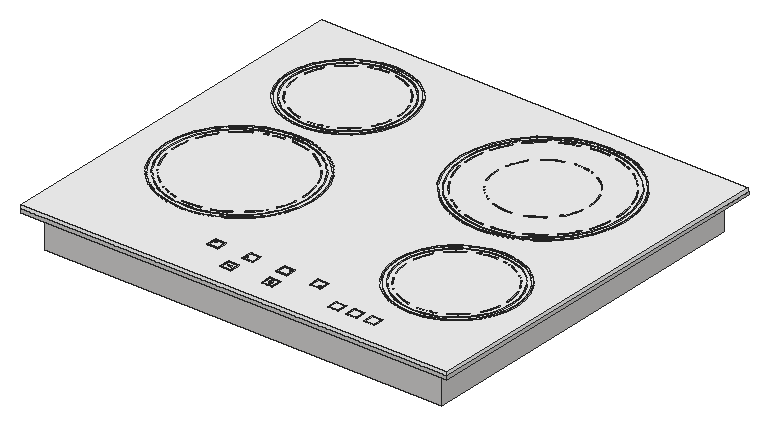
Revit family "QF_Summit_CR4B23T6W_4-Burner Radiant Cooktop", category Specialty Equipment, Revit 2020 (continued)
Automatic sketch dimensions
  Extrusion 2 sketch curve to Extrusion 2 sketch curve = 0.40352"
  plane 13 to Extrusion 2 sketch curve = 2.23245"  (x2)
  Extrusion 2 sketch curve to Extrusion 2 sketch curve = 1.71789"
  Extrusion 2 sketch curve to Extrusion 2 sketch curve = 0.08796"  (x2)
  Extrusion 2 sketch curve to Extrusion 2 sketch curve = 0.422"  (x2)
  Extrusion 2 sketch curve to Extrusion 2 sketch curve = 0.42547"
  Extrusion 2 sketch curve to Extrusion 2 sketch curve = 0.51343"  (x3)
  Extrusion 2 sketch curve to Extrusion 2 sketch curve = 0.09143"  (x2)
  plane 13 to Extrusion 2 sketch curve = 1.20768"
  Extrusion 2 sketch curve to Extrusion 2 sketch curve = 0.57593"
  Extrusion 2 sketch curve to Extrusion 2 sketch curve = 0.23097"
  Extrusion 2 sketch curve to Extrusion 2 sketch curve = 0.2189"
  Extrusion 2 sketch curve to Extrusion 2 sketch curve = 0.21044"  (x2)
  Extrusion 2 sketch curve to Extrusion 2 sketch curve = 1/16"  (x4)
  Extrusion 2 sketch curve to Extrusion 2 sketch curve = 0.48357"
  Extrusion 2 sketch curve to Extrusion 2 sketch curve = 0.1915"
  plane 14 to Extrusion 2 sketch curve = 0.02153"
  Extrusion 2 sketch curve to Extrusion 2 sketch curve = 0.07011"  (x3)
  Extrusion 2 sketch curve to Extrusion 2 sketch curve = 0.52337"
  Extrusion 2 sketch curve to Extrusion 2 sketch curve = 0.2108"
  Extrusion 2 sketch curve to Extrusion 2 sketch curve = 0.5231"
  Extrusion 2 sketch curve to Extrusion 2 sketch curve = 0.54468"
  Extrusion 2 sketch curve to Extrusion 2 sketch curve = 0.15718"
  Extrusion 1 sketch curve to Extrusion 1 sketch curve = 0"  (x292)
  plane 1 "BACK" to Extrusion 1 sketch curve = 0"
  Extrusion 1 sketch curve to plane 4 "RIGHT" = 0"
  Extrusion 1 sketch curve to plane 3 "LEFT" = 0"
  plane 5 "FRONT" to Extrusion 1 sketch curve = 0"
  Extrusion 1 sketch curve to plane 11 = 0.9679"
  Extrusion 1 sketch curve to Extrusion 1 sketch curve = 1/32"  (x43)
  Extrusion 1 sketch curve to Extrusion 1 sketch curve = 0.0061"  (x2)
  Extrusion 1 sketch curve to Extrusion 1 sketch curve = 0.03082"  (x4)
  Extrusion 1 sketch curve to Extrusion 1 sketch curve = 0.15318"  (x2)
  Extrusion 1 sketch curve to Extrusion 1 sketch curve = 0.02915"  (x2)
  Extrusion 1 sketch curve to Extrusion 1 sketch curve = 0.29075"  (x2)
  Extrusion 1 sketch curve to Extrusion 1 sketch curve = 0.15166"  (x2)
  Extrusion 1 sketch curve to Extrusion 1 sketch curve = 0.02717"  (x3)
  Extrusion 1 sketch curve to Extrusion 1 sketch curve = 0.0271"  (x2)
  Extrusion 1 sketch curve to Extrusion 1 sketch curve = 0.25819"  (x2)
  Extrusion 1 sketch curve to Extrusion 1 sketch curve = 0.02218"  (x5)
  Extrusion 1 sketch curve to plane 11 = 1.9126"
  Extrusion 1 sketch curve to Extrusion 1 sketch curve = 0.02612"
  Extrusion 1 sketch curve to Extrusion 1 sketch curve = 0.03105"
  Extrusion 1 sketch curve to Extrusion 1 sketch curve = 0.60957"  (x2)
  Extrusion 1 sketch curve to Extrusion 1 sketch curve = 0.0222"  (x3)
  Extrusion 1 sketch curve to Extrusion 1 sketch curve = 0.10309"
  Extrusion 1 sketch curve to Extrusion 1 sketch curve = 0.03021"
  Extrusion 1 sketch curve to Extrusion 1 sketch curve = 0.09169"
  Extrusion 1 sketch curve to Extrusion 1 sketch curve = 0.02951"
  Extrusion 1 sketch curve to Extrusion 1 sketch curve = 0.22079"
  Extrusion 1 sketch curve to Extrusion 1 sketch curve = 0.0291"
  Extrusion 1 sketch curve to Extrusion 1 sketch curve = 81/256"  (x2)
  Extrusion 1 sketch curve to Extrusion 1 sketch curve = 0.01602"  (x2)
  Extrusion 1 sketch curve to Extrusion 1 sketch curve = 0.72866"  (x2)
  Extrusion 1 sketch curve to Extrusion 1 sketch curve = 0.14772"
  Extrusion 1 sketch curve to Extrusion 1 sketch curve = 0.01539"  (x2)
  Extrusion 1 sketch curve to Extrusion 1 sketch curve = 0.02774"
  Extrusion 1 sketch curve to Extrusion 1 sketch curve = 0.49624"
  Extrusion 1 sketch curve to Extrusion 1 sketch curve = 0.02545"
  Extrusion 1 sketch curve to Extrusion 1 sketch curve = 0.3561"  (x2)
  Extrusion 1 sketch curve to Extrusion 1 sketch curve = 0.01117"  (x2)
  Extrusion 1 sketch curve to Extrusion 1 sketch curve = 0.26678"
  plane 8 "Center X" to Extrusion 1 sketch curve = 2.00928"
  Extrusion 1 sketch curve to Extrusion 1 sketch curve = 0.57842"
  Extrusion 1 sketch curve to Extrusion 1 sketch curve = 0.02213"
  plane 8 "Center X" to Extrusion 1 sketch curve = 2.0314"
  Extrusion 1 sketch curve to Extrusion 1 sketch curve = 0.02212"  (x2)
  Extrusion 1 sketch curve to plane 8 "Center X" = 1.2273"
  Extrusion 1 sketch curve to Extrusion 1 sketch curve = 0.94621"  (x2)
  plane 8 "Center X" to Extrusion 1 sketch curve = 1.71229"
  Extrusion 1 sketch curve to Extrusion 1 sketch curve = 0.3015"
  Extrusion 1 sketch curve to plane 8 "Center X" = 1.25813"
  Extrusion 1 sketch curve to Extrusion 1 sketch curve = 0.00508"
  plane 8 "Center X" to Extrusion 1 sketch curve = 1.73443"
  Extrusion 1 sketch curve to Extrusion 1 sketch curve = 0.02214"
  Extrusion 1 sketch curve to Extrusion 1 sketch curve = 1.49642"
  Extrusion 1 sketch curve to Extrusion 1 sketch curve = 0.03078"
  Extrusion 1 sketch curve to Extrusion 1 sketch curve = 0.03086"
  Extrusion 1 sketch curve to Extrusion 1 sketch curve = 0.20028"
  Extrusion 1 sketch curve to Extrusion 1 sketch curve = 0.92874"  (x2)
  Extrusion 1 sketch curve to Extrusion 1 sketch curve = 0.40665"  (x2)
  Extrusion 1 sketch curve to Extrusion 1 sketch curve = 0.02838"
  Extrusion 1 sketch curve to Extrusion 1 sketch curve = 2.68167"
  plane 12 to Extrusion 1 sketch curve = 1.48114"
  Extrusion 1 sketch curve to Extrusion 1 sketch curve = 0.78588"
  plane 12 to Extrusion 1 sketch curve = 1.50739"
  Extrusion 1 sketch curve to Extrusion 1 sketch curve = 0.01696"
  plane 8 "Center X" to Extrusion 1 sketch curve = 3.28887"
  Extrusion 1 sketch curve to Extrusion 1 sketch curve = 51/128"
  plane 8 "Center X" to Extrusion 1 sketch curve = 3.3113"
  Extrusion 1 sketch curve to Extrusion 1 sketch curve = 0.02243"
  Extrusion 1 sketch curve to Extrusion 1 sketch curve = 0.22306"
  Extrusion 1 sketch curve to Extrusion 1 sketch curve = 0.02526"
  plane 12 to Extrusion 1 sketch curve = 1.27234"
  Extrusion 1 sketch curve to Extrusion 1 sketch curve = 0.34611"
  plane 12 to Extrusion 1 sketch curve = 1.3002"
  Extrusion 1 sketch curve to Extrusion 1 sketch curve = 0.01416"
  plane 8 "Center X" to Extrusion 1 sketch curve = 1.11615"
  Extrusion 1 sketch curve to Extrusion 1 sketch curve = 0.86126"
  plane 13 to Extrusion 1 sketch curve = 0.63175"
  Extrusion 1 sketch curve to Extrusion 1 sketch curve = 0.49054"
  plane 8 "Center X" to Extrusion 1 sketch curve = 1.14413"
  Extrusion 1 sketch curve to Extrusion 1 sketch curve = 0.52607"  (x2)
  Extrusion 1 sketch curve to Extrusion 1 sketch curve = 0.00555"  (x2)
  Extrusion 1 sketch curve to Extrusion 1 sketch curve = 0.34786"
  Extrusion 1 sketch curve to Extrusion 1 sketch curve = 0.02211"  (x3)
  plane 8 "Center X" to Extrusion 1 sketch curve = 0.95021"
  Extrusion 1 sketch curve to Extrusion 1 sketch curve = 0.36757"
  plane 8 "Center X" to Extrusion 1 sketch curve = 0.97947"
  Extrusion 1 sketch curve to Extrusion 1 sketch curve = 0.01098"
  Extrusion 1 sketch curve to plane 8 "Center X" = 1.39665"
  Extrusion 1 sketch curve to Extrusion 1 sketch curve = 0.99423"  (x2)
  Extrusion 1 sketch curve to plane 8 "Center X" = 1.3674"
  Extrusion 1 sketch curve to Extrusion 1 sketch curve = 0.01102"  (x2)
  Extrusion 1 sketch curve to Extrusion 1 sketch curve = 0.51169"  (x3)
  Extrusion 1 sketch curve to Extrusion 1 sketch curve = 0.78182"
  Extrusion 1 sketch curve to Extrusion 1 sketch curve = 0.01526"
  Extrusion 1 sketch curve to plane 8 "Center X" = 1.57741"
  Extrusion 1 sketch curve to Extrusion 1 sketch curve = 0.38521"  (x2)
  Extrusion 1 sketch curve to Extrusion 1 sketch curve = 0.87185"  (x2)
  Extrusion 1 sketch curve to plane 8 "Center X" = 1.55025"
  Extrusion 1 sketch curve to Extrusion 1 sketch curve = 0.01545"  (x3)
  Extrusion 1 sketch curve to Extrusion 1 sketch curve = 0.01557"  (x3)
  Extrusion 1 sketch curve to Extrusion 1 sketch curve = 0.83708"
  plane 12 to Extrusion 1 sketch curve = 0.92139"
  Extrusion 1 sketch curve to Extrusion 1 sketch curve = 0.97853"
  Extrusion 1 sketch curve to Extrusion 1 sketch curve = 0.01326"
  plane 12 to Extrusion 1 sketch curve = 0.95195"
  Extrusion 1 sketch curve to Extrusion 1 sketch curve = 0.3994"
  Extrusion 1 sketch curve to Extrusion 1 sketch curve = 0.42602"  (x2)
  Extrusion 1 sketch curve to Extrusion 1 sketch curve = 0.0098"
  Extrusion 1 sketch curve to Extrusion 1 sketch curve = 0.39118"  (x2)
  plane 12 to Extrusion 1 sketch curve = 0.85481"
  Extrusion 1 sketch curve to Extrusion 1 sketch curve = 0.41454"
  plane 12 to Extrusion 1 sketch curve = 0.88589"
  Extrusion 1 sketch curve to Extrusion 1 sketch curve = 0.00325"
  plane 8 "Center X" to Extrusion 1 sketch curve = 0.70825"
  plane 8 "Center X" to Extrusion 1 sketch curve = 0.73938"
  Extrusion 1 sketch curve to Extrusion 1 sketch curve = 0.55"
  Extrusion 1 sketch curve to Extrusion 1 sketch curve = 0.00362"
  Extrusion 1 sketch curve to Extrusion 1 sketch curve = 0.73418"  (x2)
  Extrusion 1 sketch curve to Extrusion 1 sketch curve = 0.02389"  (x2)
  Extrusion 1 sketch curve to Extrusion 1 sketch curve = 0.42462"
  Extrusion 1 sketch curve to Extrusion 1 sketch curve = 0.60882"  (x2)
  Extrusion 1 sketch curve to Extrusion 1 sketch curve = 0.2871"  (x2)
  Extrusion 1 sketch curve to Extrusion 1 sketch curve = 0.02706"  (x2)
  Extrusion 1 sketch curve to Extrusion 1 sketch curve = 0.02719"  (x2)
  Extrusion 1 sketch curve to Extrusion 1 sketch curve = 1.03588"
  Extrusion 1 sketch curve to Extrusion 1 sketch curve = 0.0032"
  Extrusion 1 sketch curve to Extrusion 1 sketch curve = 0.19681"  (x2)
  Extrusion 1 sketch curve to Extrusion 1 sketch curve = 0.02933"  (x2)
  Extrusion 1 sketch curve to Extrusion 1 sketch curve = 0.31614"  (x2)
  Extrusion 1 sketch curve to Extrusion 1 sketch curve = 0.03673"  (x2)
  plane 12 to Extrusion 1 sketch curve = 0.90864"
  plane 12 to Extrusion 1 sketch curve = 0.87774"
  Extrusion 1 sketch curve to Extrusion 1 sketch curve = 0.47281"
  Extrusion 1 sketch curve to Extrusion 1 sketch curve = 0.00913"
  Extrusion 1 sketch curve to Extrusion 1 sketch curve = 1.0758"
  Extrusion 1 sketch curve to Extrusion 1 sketch curve = 0.00988"
  Extrusion 1 sketch curve to Extrusion 1 sketch curve = 0.45097"
  Extrusion 1 sketch curve to Extrusion 1 sketch curve = 0.00815"
  plane 14 to Extrusion 1 sketch curve = 0.90018"
  Extrusion 1 sketch curve to Extrusion 1 sketch curve = 0.00884"
  Extrusion 1 sketch curve to Extrusion 1 sketch curve = 0.45388"
  Extrusion 1 sketch curve to Extrusion 1 sketch curve = 0.4296"
  Extrusion 1 sketch curve to Extrusion 1 sketch curve = 0.01218"
  plane 14 to Extrusion 1 sketch curve = 0.39967"
  Extrusion 1 sketch curve to Extrusion 1 sketch curve = 0.02215"
  plane 14 to Extrusion 1 sketch curve = 0.07577"
  plane 14 to Extrusion 1 sketch curve = 0.0737"
  Extrusion 1 sketch curve to Extrusion 1 sketch curve = 0.01525"
  plane 14 to Extrusion 1 sketch curve = 0.04245"
  plane 14 to Extrusion 1 sketch curve = 0.04209"
  plane 14 to Extrusion 1 sketch curve = 0.01706"
  plane 14 to Extrusion 1 sketch curve = 0.00246"
  Extrusion 1 sketch curve to plane 14 = 0.02306"
  Extrusion 1 sketch curve to plane 14 = 0.04858"
  Extrusion 1 sketch curve to plane 14 = 0.26924"
  Extrusion 1 sketch curve to Extrusion 1 sketch curve = 0.02893"
  Extrusion 1 sketch curve to plane 14 = 0.35778"
  Extrusion 1 sketch curve to Extrusion 1 sketch curve = 0.02234"  (x2)
  Extrusion 1 sketch curve to plane 14 = 0.38134"
  Extrusion 1 sketch curve to plane 14 = 0.39924"
  Extrusion 1 sketch curve to Extrusion 1 sketch curve = 0.02231"  (x2)
  Extrusion 1 sketch curve to Extrusion 1 sketch curve = 0.03056"
  Extrusion 1 sketch curve to plane 14 = 0.45353"
  Extrusion 1 sketch curve to Extrusion 1 sketch curve = 0.42066"  (x3)
  Extrusion 1 sketch curve to Extrusion 1 sketch curve = 0.36158"
  Extrusion 1 sketch curve to Extrusion 1 sketch curve = 0.0221"
  Extrusion 1 sketch curve to Extrusion 1 sketch curve = 0.73139"
  Extrusion 1 sketch curve to Extrusion 1 sketch curve = 0.02449"
  Extrusion 1 sketch curve to Extrusion 1 sketch curve = 0.2442"
  Extrusion 1 sketch curve to Extrusion 1 sketch curve = 0.02639"
  Extrusion 1 sketch curve to Extrusion 1 sketch curve = 0.65498"
  Extrusion 1 sketch curve to Extrusion 1 sketch curve = 0.02689"
  Extrusion 1 sketch curve to Extrusion 1 sketch curve = 0.1936"
  plane 7 "Center Y" to Extrusion 1 sketch curve = 1.17372"
  Extrusion 1 sketch curve to Extrusion 1 sketch curve = 0.02839"
  plane 7 "Center Y" to Extrusion 1 sketch curve = 1.05042"
  plane 7 "Center Y" to Extrusion 1 sketch curve = 1.01619"
  Extrusion 1 sketch curve to Extrusion 1 sketch curve = 0.02981"
  Extrusion 1 sketch curve to Extrusion 1 sketch curve = 0.15631"  (x3)
  Extrusion 1 sketch curve to Extrusion 1 sketch curve = 0.09103"  (x3)
  Extrusion 1 sketch curve to Extrusion 1 sketch curve = 0.07379"  (x6)
  Extrusion 1 sketch curve to Extrusion 1 sketch curve = 0.10392"
  plane 7 "Center Y" to Extrusion 1 sketch curve = 0.89451"
  Extrusion 1 sketch curve to Extrusion 1 sketch curve = 0.03062"
  Extrusion 1 sketch curve to Extrusion 1 sketch curve = 0.03076"
  Extrusion 1 sketch curve to Extrusion 1 sketch curve = 0.05148"  (x4)
  Extrusion 1 sketch curve to Extrusion 1 sketch curve = 0.05626"
  Extrusion 1 sketch curve to Extrusion 1 sketch curve = 0.0313"
  Extrusion 1 sketch curve to Extrusion 1 sketch curve = 0.2301"
  plane 7 "Center Y" to Extrusion 1 sketch curve = 0.50749"
  Extrusion 1 sketch curve to plane 7 "Center Y" = 0.80573"
  Extrusion 1 sketch curve to Extrusion 1 sketch curve = 0.27055"
  Extrusion 1 sketch curve to Extrusion 1 sketch curve = 0.19906"
  Extrusion 1 sketch curve to plane 7 "Center Y" = 2.63134"
  Extrusion 1 sketch curve to Extrusion 1 sketch curve = 0.03064"
  Extrusion 1 sketch curve to Extrusion 1 sketch curve = 0.03098"
  Extrusion 1 sketch curve to Extrusion 1 sketch curve = 1.31919"
  Extrusion 1 sketch curve to plane 8 "Center X" = 1.13856"
  Extrusion 1 sketch curve to Extrusion 1 sketch curve = 0.13431"
  Extrusion 1 sketch curve to plane 8 "Center X" = 1.14806"
  Extrusion 1 sketch curve to Extrusion 1 sketch curve = 0.02977"
  Extrusion 1 sketch curve to plane 8 "Center X" = 0.81127"
  Extrusion 1 sketch curve to Extrusion 1 sketch curve = 0.09299"
  Extrusion 1 sketch curve to Extrusion 1 sketch curve = 0.23904"
  Extrusion 1 sketch curve to plane 8 "Center X" = 0.82369"
  Extrusion 1 sketch curve to Extrusion 1 sketch curve = 0.02868"
  Extrusion 1 sketch curve to Extrusion 1 sketch curve = 0.02856"
  Extrusion 1 sketch curve to Extrusion 1 sketch curve = 0.18203"
  Extrusion 1 sketch curve to Extrusion 1 sketch curve = 0.02668"
  plane 8 "Center X" to Extrusion 1 sketch curve = 0.04895"
  Extrusion 1 sketch curve to Extrusion 1 sketch curve = 0.50322"
  plane 8 "Center X" to Extrusion 1 sketch curve = 0.02885"
  plane 8 "Center X" to Extrusion 1 sketch curve = 0.36075"
  Extrusion 1 sketch curve to Extrusion 1 sketch curve = 0.27259"
  plane 8 "Center X" to Extrusion 1 sketch curve = 0.33864"
  Extrusion 1 sketch curve to Extrusion 1 sketch curve = 0.61146"
  Extrusion 1 sketch curve to plane 7 "Center Y" = 3.85099"
  plane 12 to Extrusion 1 sketch curve = 2.86594"
  plane 12 to Extrusion 1 sketch curve = 2.8772"
  Extrusion 1 sketch curve to Extrusion 1 sketch curve = 0.36384"
  Extrusion 1 sketch curve to Extrusion 1 sketch curve = 0.01754"
  plane 8 "Center X" to Extrusion 1 sketch curve = 0.96184"
  plane 8 "Center X" to Extrusion 1 sketch curve = 239/256"
  plane 12 to Extrusion 1 sketch curve = 1.73344"
  plane 12 to Extrusion 1 sketch curve = 1.75564"
  plane 8 "Center X" to Extrusion 1 sketch curve = 1.11157"
  Extrusion 1 sketch curve to Extrusion 1 sketch curve = 0.35672"
  plane 8 "Center X" to Extrusion 1 sketch curve = 1.08198"
  Extrusion 1 sketch curve to Extrusion 1 sketch curve = 0.01005"
  Extrusion 1 sketch curve to Extrusion 1 sketch curve = 0.85875"
  Extrusion 1 sketch curve to Extrusion 1 sketch curve = 0.00972"
  plane 12 to Extrusion 1 sketch curve = 1.49506"
  plane 12 to Extrusion 1 sketch curve = 1.52189"
  plane 8 "Center X" to Extrusion 1 sketch curve = 3.37537"
  plane 8 "Center X" to Extrusion 1 sketch curve = 3.40257"
  Extrusion 1 sketch curve to Extrusion 1 sketch curve = 0.41721"
  Extrusion 1 sketch curve to Extrusion 1 sketch curve = 0.0059"
  plane 8 "Center X" to Extrusion 1 sketch curve = 1.29503"
  plane 8 "Center X" to Extrusion 1 sketch curve = 1.2638"
  plane 12 to Extrusion 1 sketch curve = 1.14305"
  plane 12 to Extrusion 1 sketch curve = 1.17389"
  plane 8 "Center X" to Extrusion 1 sketch curve = 1.25175"
  Extrusion 1 sketch curve to Extrusion 1 sketch curve = 0.44627"
  plane 8 "Center X" to Extrusion 1 sketch curve = 1.28287"
  Extrusion 1 sketch curve to Extrusion 1 sketch curve = 0.00285"
  Extrusion 1 sketch curve to Extrusion 1 sketch curve = 0.97504"
  Extrusion 1 sketch curve to Extrusion 1 sketch curve = 0.00288"
  Extrusion 1 sketch curve to Extrusion 1 sketch curve = 0.46063"
  Extrusion 1 sketch curve to Extrusion 1 sketch curve = 0.00703"
  plane 8 "Center X" to Extrusion 1 sketch curve = 1.03295"
  plane 8 "Center X" to Extrusion 1 sketch curve = 1.0621"
  plane 12 to Extrusion 1 sketch curve = 1.3124"
  plane 12 to Extrusion 1 sketch curve = 1.28316"
  plane 8 "Center X" to Extrusion 1 sketch curve = 0.81696"
  Extrusion 1 sketch curve to Extrusion 1 sketch curve = 0.45673"
  Extrusion 1 sketch curve to Extrusion 1 sketch curve = 0.93427"
  plane 8 "Center X" to Extrusion 1 sketch curve = 0.84417"
  Extrusion 1 sketch curve to Extrusion 1 sketch curve = 0.01538"
  Extrusion 1 sketch curve to Extrusion 1 sketch curve = 0.36969"
  Extrusion 1 sketch curve to Extrusion 1 sketch curve = 0.01878"
  plane 8 "Center X" to Extrusion 1 sketch curve = 0.21522"
  plane 8 "Center X" to Extrusion 1 sketch curve = 0.23731"
  Extrusion 1 sketch curve to plane 8 "Center X" = 0.14529"
  Extrusion 1 sketch curve to Extrusion 1 sketch curve = 0.30553"
  Extrusion 1 sketch curve to plane 8 "Center X" = 0.12675"
  Extrusion 1 sketch curve to Extrusion 1 sketch curve = 0.02516"
  Extrusion 1 sketch curve to Extrusion 1 sketch curve = 0.73819"
  Extrusion 1 sketch curve to Extrusion 1 sketch curve = 0.02543"
  Extrusion 1 sketch curve to Extrusion 1 sketch curve = 0.2169"
  Extrusion 1 sketch curve to Extrusion 1 sketch curve = 0.02738"
  Extrusion 1 sketch curve to plane 8 "Center X" = 1.04072"
  Extrusion 1 sketch curve to plane 8 "Center X" = 1.03025"
  Extrusion 1 sketch curve to Extrusion 1 sketch curve = 0.11797"
  Extrusion 1 sketch curve to Extrusion 1 sketch curve = 0.35026"
  Extrusion 1 sketch curve to Extrusion 1 sketch curve = 0.03051"
  Extrusion 1 sketch curve to Extrusion 1 sketch curve = 0.03054"
  Extrusion 1 sketch curve to Extrusion 1 sketch curve = 0.06921"
  Extrusion 1 sketch curve to Extrusion 1 sketch curve = 0.03116"
  Extrusion 1 sketch curve to Extrusion 1 sketch curve = 0.06424"
  Extrusion 1 sketch curve to Extrusion 1 sketch curve = 0.03017"
  Extrusion 1 sketch curve to Extrusion 1 sketch curve = 0.1536"
  Extrusion 1 sketch curve to Extrusion 1 sketch curve = 0.02716"
  Extrusion 1 sketch curve to Extrusion 1 sketch curve = 0.25816"
  Extrusion 1 sketch curve to Extrusion 1 sketch curve = 1.46464"
  Extrusion 1 sketch curve to Extrusion 1 sketch curve = 0.03109"
  Extrusion 1 sketch curve to Extrusion 1 sketch curve = 0.06565"
  Extrusion 1 sketch curve to Extrusion 1 sketch curve = 0.02989"
  Extrusion 1 sketch curve to Extrusion 1 sketch curve = 0.397"  (x2)
  Extrusion 1 sketch curve to Extrusion 1 sketch curve = 0.01541"  (x2)
  Extrusion 1 sketch curve to Extrusion 1 sketch curve = 0.34161"
  Extrusion 1 sketch curve to Extrusion 1 sketch curve = 0.01814"
  Extrusion 1 sketch curve to Extrusion 1 sketch curve = 0.16453"
  Extrusion 1 sketch curve to Extrusion 1 sketch curve = 0.02727"
  Extrusion 1 sketch curve to Extrusion 1 sketch curve = 0.32681"
  Extrusion 1 sketch curve to Extrusion 1 sketch curve = 0.01674"
  Extrusion 1 sketch curve to Extrusion 1 sketch curve = 0.36683"
  Extrusion 1 sketch curve to Extrusion 1 sketch curve = 0.01871"
  Extrusion 1 sketch curve to Extrusion 1 sketch curve = 0.40986"
  Extrusion 1 sketch curve to Extrusion 1 sketch curve = 0.29954"
  Extrusion 1 sketch curve to Extrusion 1 sketch curve = 0.50377"  (x2)
  Extrusion 1 sketch curve to Extrusion 1 sketch curve = 0.39592"
  Extrusion 1 sketch curve to Extrusion 1 sketch curve = 0.47651"  (x2)
  Extrusion 1 sketch curve to Extrusion 1 sketch curve = 0.00514"  (x2)
  Extrusion 1 sketch curve to Extrusion 1 sketch curve = 0.46777"
  Extrusion 1 sketch curve to Extrusion 1 sketch curve = 0.42012"  (x2)
  Extrusion 1 sketch curve to Extrusion 1 sketch curve = 1/64"  (x2)
  Extrusion 1 sketch curve to Extrusion 1 sketch curve = 0.48143"
  Extrusion 1 sketch curve to Extrusion 1 sketch curve = 0.00355"
  Extrusion 1 sketch curve to Extrusion 1 sketch curve = 0.47292"
  Extrusion 1 sketch curve to Extrusion 1 sketch curve = 0.00552"
  Extrusion 1 sketch curve to Extrusion 1 sketch curve = 0.27307"  (x2)
  Extrusion 1 sketch curve to Extrusion 1 sketch curve = 0.02709"  (x2)
  Extrusion 1 sketch curve to Extrusion 1 sketch curve = 0.4958"
  Extrusion 1 sketch curve to Extrusion 1 sketch curve = 0.01803"
  Extrusion 1 sketch curve to Extrusion 1 sketch curve = 0.17307"  (x2)
  Extrusion 1 sketch curve to Extrusion 1 sketch curve = 0.02918"  (x2)
  Extrusion 1 sketch curve to Extrusion 1 sketch curve = 0.37548"
  Extrusion 1 sketch curve to Extrusion 1 sketch curve = 0.36929"
  Extrusion 1 sketch curve to Extrusion 1 sketch curve = 0.01593"
  Extrusion 1 sketch curve to Extrusion 1 sketch curve = 0.20356"
  Extrusion 1 sketch curve to Extrusion 1 sketch curve = 0.02965"
  Extrusion 1 sketch curve to Extrusion 1 sketch curve = 0.32918"
  Extrusion 1 sketch curve to Extrusion 1 sketch curve = 0.15377"
  Extrusion 1 sketch curve to Extrusion 1 sketch curve = 0.02997"
  Extrusion 1 sketch curve to Extrusion 1 sketch curve = 0.0672"
  Extrusion 1 sketch curve to Extrusion 1 sketch curve = 0.40356"
  Extrusion 1 sketch curve to Extrusion 1 sketch curve = 0.00677"
  Extrusion 1 sketch curve to Extrusion 1 sketch curve = 0.21155"
  Extrusion 1 sketch curve to Extrusion 1 sketch curve = 0.43649"
  Extrusion 1 sketch curve to Extrusion 1 sketch curve = 0.00413"
  Extrusion 1 sketch curve to Extrusion 1 sketch curve = 0.47386"
  Extrusion 1 sketch curve to Extrusion 1 sketch curve = 0.00664"
  Extrusion 1 sketch curve to Extrusion 1 sketch curve = 0.36364"
  Extrusion 1 sketch curve to Extrusion 1 sketch curve = 0.39851"
  Extrusion 1 sketch curve to Extrusion 1 sketch curve = 0.01626"
  Extrusion 1 sketch curve to Extrusion 1 sketch curve = 0.3447"
  Extrusion 1 sketch curve to Extrusion 1 sketch curve = 0.01817"
  Extrusion 1 sketch curve to Extrusion 1 sketch curve = 0.29963"
  Extrusion 1 sketch curve to Extrusion 1 sketch curve = 0.02586"
  Extrusion 1 sketch curve to Extrusion 1 sketch curve = 0.24262"
  Extrusion 1 sketch curve to Extrusion 1 sketch curve = 0.10945"
  Extrusion 1 sketch curve to Extrusion 1 sketch curve = 0.03069"
  Extrusion 1 sketch curve to Extrusion 1 sketch curve = 0.40352"
  plane 13 to Extrusion 1 sketch curve = 2.23245"  (x2)
  Extrusion 1 sketch curve to Extrusion 1 sketch curve = 0.08796"  (x2)
  Extrusion 1 sketch curve to Extrusion 1 sketch curve = 0.422"  (x2)
  Extrusion 1 sketch curve to Extrusion 1 sketch curve = 0.09143"  (x2)
  Extrusion 1 sketch curve to Extrusion 1 sketch curve = 0.42547"
  Extrusion 1 sketch curve to Extrusion 1 sketch curve = 0.51343"  (x3)
  plane 13 to Extrusion 1 sketch curve = 1.20768"
  Extrusion 1 sketch curve to Extrusion 1 sketch curve = 0.57593"
  Extrusion 1 sketch curve to Extrusion 1 sketch curve = 0.56604"  (x2)
  Extrusion 1 sketch curve to Extrusion 1 sketch curve = 0.15718"  (x2)
  Extrusion 1 sketch curve to Extrusion 1 sketch curve = 0.23097"  (x2)
  plane 1 "BACK" to Extrusion 6 sketch curve = 0"
  Extrusion 6 sketch curve to plane 4 "RIGHT" = 0"
  Extrusion 6 sketch curve to plane 11 = 0"
  Extrusion 6 sketch curve to plane 10 = 0"
  Extrusion 6 sketch curve to plane 3 "LEFT" = 0"
  plane 12 to Extrusion 6 sketch curve = 0"
  Extrusion 6 sketch curve to plane 13 = 0"
  plane 5 "FRONT" to Extrusion 6 sketch curve = 0"
  curve 9 to curve 10 = 0"  (x2)
  curve 19 to curve 20 = 0"  (x2)
  curve 41 to curve 42 = 0"  (x2)
  curve 51 to curve 52 = 0"  (x2)
  curve 97 to curve 98 = 0"  (x2)
  curve 97 to curve 99 = 0"  (x2)
  curve 97 to curve 100 = 0"  (x2)
  curve 97 to curve 101 = 0"  (x2)
  curve 97 to curve 102 = 0"  (x2)
  curve 97 to curve 103 = 0"  (x2)
  curve 97 to curve 104 = 0"  (x2)
  curve 97 to curve 105 = 0"  (x2)
  curve 97 to curve 107 = 0"  (x2)
  curve 97 to curve 109 = 0"  (x2)
  curve 97 to curve 111 = 0"  (x2)
  curve 97 to curve 113 = 0"  (x2)
  curve 97 to curve 115 = 0"  (x2)
  curve 97 to curve 117 = 0"  (x2)
  curve 97 to curve 119 = 0"  (x2)
  curve 97 to curve 121 = 0"  (x2)
  curve 97 to curve 123 = 0"  (x2)
  curve 97 to curve 125 = 0"  (x2)
  curve 97 to curve 127 = 0"  (x2)
  curve 97 to curve 129 = 0"  (x2)
  curve 97 to curve 131 = 0"  (x2)
  curve 97 to curve 133 = 0"  (x2)
  curve 97 to curve 135 = 0"  (x2)
  curve 97 to curve 137 = 0"  (x2)
  curve 97 to curve 139 = 0"  (x2)
  curve 97 to curve 141 = 0"  (x2)
  curve 97 to curve 143 = 0"  (x2)
  curve 97 to curve 145 = 0"  (x2)
  curve 97 to curve 147 = 0"  (x2)
  curve 97 to curve 149 = 0"  (x2)
  curve 97 to curve 151 = 0"  (x2)
  curve 98 to curve 99 = 0"  (x2)
  curve 98 to curve 100 = 0"  (x2)
  curve 98 to curve 101 = 0"  (x2)
  curve 98 to curve 102 = 0"  (x2)
  curve 98 to curve 103 = 0"  (x2)
  curve 98 to curve 104 = 0"  (x2)
  curve 98 to curve 105 = 0"  (x2)
  curve 98 to curve 107 = 0"  (x2)
  curve 98 to curve 109 = 0"  (x2)
  curve 98 to curve 111 = 0"  (x2)
  curve 98 to curve 113 = 0"  (x2)
  curve 98 to curve 115 = 0"  (x2)
  curve 98 to curve 117 = 0"  (x2)
  curve 98 to curve 119 = 0"  (x2)
  curve 98 to curve 121 = 0"  (x2)
  curve 98 to curve 123 = 0"  (x2)
  curve 98 to curve 125 = 0"  (x2)
  curve 98 to curve 127 = 0"  (x2)
  curve 98 to curve 129 = 0"  (x2)
  curve 98 to curve 131 = 0"  (x2)
  curve 98 to curve 133 = 0"  (x2)
  curve 98 to curve 135 = 0"  (x2)
  curve 98 to curve 137 = 0"  (x2)
  curve 98 to curve 139 = 0"  (x2)
  curve 98 to curve 141 = 0"  (x2)
  curve 98 to curve 143 = 0"  (x2)
  curve 98 to curve 145 = 0"  (x2)
  curve 98 to curve 147 = 0"  (x2)
  curve 98 to curve 149 = 0"  (x2)
  curve 98 to curve 151 = 0"  (x2)
  curve 99 to curve 100 = 0"  (x2)
  curve 99 to curve 101 = 0"  (x2)
  curve 99 to curve 102 = 0"  (x2)
  curve 99 to curve 103 = 0"  (x2)
  curve 99 to curve 104 = 0"  (x2)
  curve 99 to curve 105 = 0"  (x2)
  curve 99 to curve 107 = 0"  (x2)
  curve 99 to curve 109 = 0"  (x2)
  curve 99 to curve 111 = 0"  (x2)
  curve 99 to curve 113 = 0"  (x2)
  curve 99 to curve 115 = 0"  (x2)
  curve 99 to curve 117 = 0"  (x2)
  curve 99 to curve 119 = 0"  (x2)
  curve 99 to curve 121 = 0"  (x2)
  curve 99 to curve 123 = 0"  (x2)
  curve 99 to curve 125 = 0"  (x2)
  curve 99 to curve 127 = 0"  (x2)
  curve 99 to curve 129 = 0"  (x2)
  curve 99 to curve 131 = 0"  (x2)
  curve 99 to curve 133 = 0"  (x2)
  curve 99 to curve 135 = 0"  (x2)
  curve 99 to curve 137 = 0"  (x2)
  curve 99 to curve 139 = 0"  (x2)
  curve 99 to curve 141 = 0"  (x2)
  curve 99 to curve 143 = 0"  (x2)
  curve 99 to curve 145 = 0"  (x2)
  curve 99 to curve 147 = 0"  (x2)
  curve 99 to curve 149 = 0"  (x2)
  curve 99 to curve 151 = 0"  (x2)
  curve 100 to curve 101 = 0"  (x2)
  curve 100 to curve 102 = 0"  (x2)
  curve 100 to curve 103 = 0"  (x2)
  curve 100 to curve 104 = 0"  (x2)
  curve 100 to curve 105 = 0"  (x2)
  curve 100 to curve 107 = 0"  (x2)
  curve 100 to curve 109 = 0"  (x2)
  curve 100 to curve 111 = 0"  (x2)
  curve 100 to curve 113 = 0"  (x2)
  curve 100 to curve 115 = 0"  (x2)
  curve 100 to curve 117 = 0"  (x2)
  curve 100 to curve 119 = 0"  (x2)
  curve 100 to curve 121 = 0"  (x2)
  curve 100 to curve 123 = 0"  (x2)
  curve 100 to curve 125 = 0"  (x2)
  curve 100 to curve 127 = 0"  (x2)
  curve 100 to curve 129 = 0"  (x2)
  curve 100 to curve 131 = 0"  (x2)
  curve 100 to curve 133 = 0"  (x2)
  curve 100 to curve 135 = 0"  (x2)
  curve 100 to curve 137 = 0"  (x2)
  curve 100 to curve 139 = 0"  (x2)
  curve 100 to curve 141 = 0"  (x2)
  curve 100 to curve 143 = 0"  (x2)
  curve 100 to curve 145 = 0"  (x2)
  curve 100 to curve 147 = 0"  (x2)
  curve 100 to curve 149 = 0"  (x2)
  curve 100 to curve 151 = 0"  (x2)
  curve 101 to curve 102 = 0"  (x2)
  curve 101 to curve 103 = 0"  (x2)
  curve 101 to curve 104 = 0"  (x2)
  curve 101 to curve 105 = 0"  (x2)
  curve 101 to curve 107 = 0"  (x2)
  curve 101 to curve 109 = 0"  (x2)
  curve 101 to curve 111 = 0"  (x2)
  curve 101 to curve 113 = 0"  (x2)
  curve 101 to curve 115 = 0"  (x2)
  curve 101 to curve 117 = 0"  (x2)
  curve 101 to curve 119 = 0"  (x2)
  curve 101 to curve 121 = 0"  (x2)
  curve 101 to curve 123 = 0"  (x2)
  curve 101 to curve 125 = 0"  (x2)
  curve 101 to curve 127 = 0"  (x2)
  curve 101 to curve 129 = 0"  (x2)
  curve 101 to curve 131 = 0"  (x2)
  curve 101 to curve 133 = 0"  (x2)
  curve 101 to curve 135 = 0"  (x2)
  curve 101 to curve 137 = 0"  (x2)
  curve 101 to curve 139 = 0"  (x2)
  curve 101 to curve 141 = 0"  (x2)
  curve 101 to curve 143 = 0"  (x2)
  curve 101 to curve 145 = 0"  (x2)
  curve 101 to curve 147 = 0"  (x2)
  curve 101 to curve 149 = 0"  (x2)
  curve 101 to curve 151 = 0"  (x2)
  curve 102 to curve 103 = 0"  (x2)
  curve 102 to curve 104 = 0"  (x2)
  curve 102 to curve 105 = 0"  (x2)
  curve 102 to curve 107 = 0"  (x2)
  curve 102 to curve 109 = 0"  (x2)
  curve 102 to curve 111 = 0"  (x2)
  curve 102 to curve 113 = 0"  (x2)
  curve 102 to curve 115 = 0"  (x2)
  curve 102 to curve 117 = 0"  (x2)
  curve 102 to curve 119 = 0"  (x2)
  curve 102 to curve 121 = 0"  (x2)
  curve 102 to curve 123 = 0"  (x2)
  curve 102 to curve 125 = 0"  (x2)
  curve 102 to curve 127 = 0"  (x2)
  curve 102 to curve 129 = 0"  (x2)
  curve 102 to curve 131 = 0"  (x2)
  curve 102 to curve 133 = 0"  (x2)
  curve 102 to curve 135 = 0"  (x2)
  curve 102 to curve 137 = 0"  (x2)
  curve 102 to curve 139 = 0"  (x2)
  curve 102 to curve 141 = 0"  (x2)
  curve 102 to curve 143 = 0"  (x2)
  curve 102 to curve 145 = 0"  (x2)
  curve 102 to curve 147 = 0"  (x2)
  curve 102 to curve 149 = 0"  (x2)
  curve 102 to curve 151 = 0"  (x2)
  curve 103 to curve 104 = 0"  (x2)
  curve 103 to curve 105 = 0"  (x2)
  curve 103 to curve 107 = 0"  (x2)
  curve 103 to curve 109 = 0"  (x2)
  curve 103 to curve 111 = 0"  (x2)
  curve 103 to curve 113 = 0"  (x2)
  curve 103 to curve 115 = 0"  (x2)
  curve 103 to curve 117 = 0"  (x2)
  curve 103 to curve 119 = 0"  (x2)
  curve 103 to curve 121 = 0"  (x2)
  curve 103 to curve 123 = 0"  (x2)
  curve 103 to curve 125 = 0"  (x2)
  curve 103 to curve 127 = 0"  (x2)
  curve 103 to curve 129 = 0"  (x2)
  curve 103 to curve 131 = 0"  (x2)
  curve 103 to curve 133 = 0"  (x2)
  curve 103 to curve 135 = 0"  (x2)
  curve 103 to curve 137 = 0"  (x2)
  curve 103 to curve 139 = 0"  (x2)
  curve 103 to curve 141 = 0"  (x2)
  curve 103 to curve 143 = 0"  (x2)
  curve 103 to curve 145 = 0"  (x2)
  curve 103 to curve 147 = 0"  (x2)
  curve 103 to curve 149 = 0"  (x2)
  curve 103 to curve 151 = 0"  (x2)
  curve 104 to curve 105 = 0"  (x2)
  curve 104 to curve 107 = 0"  (x2)
  curve 104 to curve 109 = 0"  (x2)
  curve 104 to curve 111 = 0"  (x2)
  curve 104 to curve 113 = 0"  (x2)
  curve 104 to curve 115 = 0"  (x2)
  curve 104 to curve 117 = 0"  (x2)
  curve 104 to curve 119 = 0"  (x2)
  curve 104 to curve 121 = 0"  (x2)
  curve 104 to curve 123 = 0"  (x2)
  curve 104 to curve 125 = 0"  (x2)
  curve 104 to curve 127 = 0"  (x2)
  curve 104 to curve 129 = 0"  (x2)
  curve 104 to curve 131 = 0"  (x2)
  curve 104 to curve 133 = 0"  (x2)
  curve 104 to curve 135 = 0"  (x2)
  curve 104 to curve 137 = 0"  (x2)
  curve 104 to curve 139 = 0"  (x2)
  curve 104 to curve 141 = 0"  (x2)
  curve 104 to curve 143 = 0"  (x2)
  curve 104 to curve 145 = 0"  (x2)
  curve 104 to curve 147 = 0"  (x2)
  curve 104 to curve 149 = 0"  (x2)
  curve 104 to curve 151 = 0"  (x2)
  curve 105 to curve 107 = 0"  (x2)
  curve 105 to curve 109 = 0"  (x2)
  curve 105 to curve 111 = 0"  (x2)
  curve 105 to curve 113 = 0"  (x2)
  curve 105 to curve 115 = 0"  (x2)
  curve 105 to curve 117 = 0"  (x2)
  curve 105 to curve 119 = 0"  (x2)
  curve 105 to curve 121 = 0"  (x2)
  curve 105 to curve 123 = 0"  (x2)
  curve 105 to curve 125 = 0"  (x2)
  curve 105 to curve 127 = 0"  (x2)
  curve 105 to curve 129 = 0"  (x2)
  curve 105 to curve 131 = 0"  (x2)
  curve 105 to curve 133 = 0"  (x2)
  curve 105 to curve 135 = 0"  (x2)
  curve 105 to curve 137 = 0"  (x2)
  curve 105 to curve 139 = 0"  (x2)
  curve 105 to curve 141 = 0"  (x2)
  curve 105 to curve 143 = 0"  (x2)
  curve 105 to curve 145 = 0"  (x2)
  curve 105 to curve 147 = 0"  (x2)
  curve 105 to curve 149 = 0"  (x2)
  curve 105 to curve 151 = 0"  (x2)
  curve 107 to curve 109 = 0"  (x2)
  curve 107 to curve 111 = 0"  (x2)
  curve 107 to curve 113 = 0"  (x2)
  curve 107 to curve 115 = 0"  (x2)
  curve 107 to curve 117 = 0"  (x2)
  curve 107 to curve 119 = 0"  (x2)
  curve 107 to curve 121 = 0"  (x2)
  curve 107 to curve 123 = 0"  (x2)
  curve 107 to curve 125 = 0"  (x2)
  curve 107 to curve 127 = 0"  (x2)
  curve 107 to curve 129 = 0"  (x2)
  curve 107 to curve 131 = 0"  (x2)
  curve 107 to curve 133 = 0"  (x2)
  curve 107 to curve 135 = 0"  (x2)
  curve 107 to curve 137 = 0"  (x2)
  curve 107 to curve 139 = 0"  (x2)
  curve 107 to curve 141 = 0"  (x2)
  curve 107 to curve 143 = 0"  (x2)
  curve 107 to curve 145 = 0"  (x2)
  curve 107 to curve 147 = 0"  (x2)
  curve 107 to curve 149 = 0"  (x2)
  curve 107 to curve 151 = 0"  (x2)
  curve 109 to curve 111 = 0"  (x2)
  curve 109 to curve 113 = 0"  (x2)
  curve 109 to curve 115 = 0"  (x2)
  curve 109 to curve 117 = 0"  (x2)
  curve 109 to curve 119 = 0"  (x2)
  curve 109 to curve 121 = 0"  (x2)
  curve 109 to curve 123 = 0"  (x2)
  curve 109 to curve 125 = 0"  (x2)
  curve 109 to curve 127 = 0"  (x2)
  curve 109 to curve 129 = 0"  (x2)
  curve 109 to curve 131 = 0"  (x2)
  curve 109 to curve 133 = 0"  (x2)
  curve 109 to curve 135 = 0"  (x2)
  curve 109 to curve 137 = 0"  (x2)
  curve 109 to curve 139 = 0"  (x2)
  curve 109 to curve 141 = 0"  (x2)
  curve 109 to curve 143 = 0"  (x2)
  curve 109 to curve 145 = 0"  (x2)
  curve 109 to curve 147 = 0"  (x2)
  curve 109 to curve 149 = 0"  (x2)
  curve 109 to curve 151 = 0"  (x2)
  curve 111 to curve 113 = 0"  (x2)
  curve 111 to curve 115 = 0"  (x2)
  curve 111 to curve 117 = 0"  (x2)
  curve 111 to curve 119 = 0"  (x2)
  curve 111 to curve 121 = 0"  (x2)
  curve 111 to curve 123 = 0"  (x2)
  curve 111 to curve 125 = 0"  (x2)
  curve 111 to curve 127 = 0"  (x2)
  curve 111 to curve 129 = 0"  (x2)
  curve 111 to curve 131 = 0"  (x2)
  curve 111 to curve 133 = 0"  (x2)
  curve 111 to curve 135 = 0"  (x2)
  curve 111 to curve 137 = 0"  (x2)
  curve 111 to curve 139 = 0"  (x2)
  curve 111 to curve 141 = 0"  (x2)
  curve 111 to curve 143 = 0"  (x2)
  curve 111 to curve 145 = 0"  (x2)
  curve 111 to curve 147 = 0"  (x2)
  curve 111 to curve 149 = 0"  (x2)
  curve 111 to curve 151 = 0"  (x2)
  curve 113 to curve 115 = 0"  (x2)
  curve 113 to curve 117 = 0"  (x2)
  curve 113 to curve 119 = 0"  (x2)
  curve 113 to curve 121 = 0"  (x2)
  curve 113 to curve 123 = 0"  (x2)
  curve 113 to curve 125 = 0"  (x2)
  curve 113 to curve 127 = 0"  (x2)
  curve 113 to curve 129 = 0"  (x2)
  curve 113 to curve 131 = 0"  (x2)
  curve 113 to curve 133 = 0"  (x2)
  curve 113 to curve 135 = 0"  (x2)
  curve 113 to curve 137 = 0"  (x2)
  curve 113 to curve 139 = 0"  (x2)
  curve 113 to curve 141 = 0"  (x2)
  curve 113 to curve 143 = 0"  (x2)
  curve 113 to curve 145 = 0"  (x2)
  curve 113 to curve 147 = 0"  (x2)
  curve 113 to curve 149 = 0"  (x2)
  curve 113 to curve 151 = 0"  (x2)
  curve 115 to curve 117 = 0"  (x2)
  curve 115 to curve 119 = 0"  (x2)
  curve 115 to curve 121 = 0"  (x2)
  curve 115 to curve 123 = 0"  (x2)
  curve 115 to curve 125 = 0"  (x2)
  curve 115 to curve 127 = 0"  (x2)
  curve 115 to curve 129 = 0"  (x2)
  curve 115 to curve 131 = 0"  (x2)
  curve 115 to curve 133 = 0"  (x2)
  curve 115 to curve 135 = 0"  (x2)
  curve 115 to curve 137 = 0"  (x2)
  curve 115 to curve 139 = 0"  (x2)
  curve 115 to curve 141 = 0"  (x2)
  curve 115 to curve 143 = 0"  (x2)
  curve 115 to curve 145 = 0"  (x2)
  curve 115 to curve 147 = 0"  (x2)
  curve 115 to curve 149 = 0"  (x2)
  curve 115 to curve 151 = 0"  (x2)
  curve 117 to curve 119 = 0"  (x2)
  curve 117 to curve 121 = 0"  (x2)
  curve 117 to curve 123 = 0"  (x2)
  curve 117 to curve 125 = 0"  (x2)
  curve 117 to curve 127 = 0"  (x2)
  curve 117 to curve 129 = 0"  (x2)
  curve 117 to curve 131 = 0"  (x2)
  curve 117 to curve 133 = 0"  (x2)
  curve 117 to curve 135 = 0"  (x2)
  curve 117 to curve 137 = 0"  (x2)
  curve 117 to curve 139 = 0"  (x2)
  curve 117 to curve 141 = 0"  (x2)
  curve 117 to curve 143 = 0"  (x2)
  curve 117 to curve 145 = 0"  (x2)
  curve 117 to curve 147 = 0"  (x2)
  curve 117 to curve 149 = 0"  (x2)
  curve 117 to curve 151 = 0"  (x2)
  curve 119 to curve 121 = 0"  (x2)
  curve 119 to curve 123 = 0"  (x2)
  curve 119 to curve 125 = 0"  (x2)
  curve 119 to curve 127 = 0"  (x2)
  curve 119 to curve 129 = 0"  (x2)
  curve 119 to curve 131 = 0"  (x2)
  curve 119 to curve 133 = 0"  (x2)
  curve 119 to curve 135 = 0"  (x2)
  curve 119 to curve 137 = 0"  (x2)
  curve 119 to curve 139 = 0"  (x2)
  curve 119 to curve 141 = 0"  (x2)
  curve 119 to curve 143 = 0"  (x2)
  curve 119 to curve 145 = 0"  (x2)
  curve 119 to curve 147 = 0"  (x2)
  curve 119 to curve 149 = 0"  (x2)
  curve 119 to curve 151 = 0"  (x2)
  curve 121 to curve 123 = 0"  (x2)
  curve 121 to curve 125 = 0"  (x2)
  curve 121 to curve 127 = 0"  (x2)
  curve 121 to curve 129 = 0"  (x2)
  curve 121 to curve 131 = 0"  (x2)
  curve 121 to curve 133 = 0"  (x2)
  curve 121 to curve 135 = 0"  (x2)
  curve 121 to curve 137 = 0"  (x2)
  curve 121 to curve 139 = 0"  (x2)
  curve 121 to curve 141 = 0"  (x2)
  curve 121 to curve 143 = 0"  (x2)
  curve 121 to curve 145 = 0"  (x2)
  curve 121 to curve 147 = 0"  (x2)
  curve 121 to curve 149 = 0"  (x2)
  curve 121 to curve 151 = 0"  (x2)
  curve 123 to curve 125 = 0"  (x2)
  curve 123 to curve 127 = 0"  (x2)
  curve 123 to curve 129 = 0"  (x2)
  curve 123 to curve 131 = 0"  (x2)
  curve 123 to curve 133 = 0"  (x2)
  curve 123 to curve 135 = 0"  (x2)
  curve 123 to curve 137 = 0"  (x2)
  curve 123 to curve 139 = 0"  (x2)
  curve 123 to curve 141 = 0"  (x2)
  curve 123 to curve 143 = 0"  (x2)
  curve 123 to curve 145 = 0"  (x2)
  curve 123 to curve 147 = 0"  (x2)
  curve 123 to curve 149 = 0"  (x2)
  curve 123 to curve 151 = 0"  (x2)
  curve 125 to curve 127 = 0"  (x2)
  curve 125 to curve 129 = 0"  (x2)
  curve 125 to curve 131 = 0"  (x2)
  curve 125 to curve 133 = 0"  (x2)
  curve 125 to curve 135 = 0"  (x2)
  curve 125 to curve 137 = 0"  (x2)
  curve 125 to curve 139 = 0"  (x2)
  curve 125 to curve 141 = 0"  (x2)
  curve 125 to curve 143 = 0"  (x2)
  curve 125 to curve 145 = 0"  (x2)
  curve 125 to curve 147 = 0"  (x2)
  curve 125 to curve 149 = 0"  (x2)
  curve 125 to curve 151 = 0"  (x2)
  curve 127 to curve 129 = 0"  (x2)
  curve 127 to curve 131 = 0"  (x2)
  curve 127 to curve 133 = 0"  (x2)
  curve 127 to curve 135 = 0"  (x2)
  curve 127 to curve 137 = 0"  (x2)
  curve 127 to curve 139 = 0"  (x2)
  curve 127 to curve 141 = 0"  (x2)
  curve 127 to curve 143 = 0"  (x2)
  curve 127 to curve 145 = 0"  (x2)
  curve 127 to curve 147 = 0"  (x2)
  curve 127 to curve 149 = 0"  (x2)
  curve 127 to curve 151 = 0"  (x2)
  curve 129 to curve 131 = 0"  (x2)
  curve 129 to curve 133 = 0"  (x2)
  curve 129 to curve 135 = 0"  (x2)
  curve 129 to curve 137 = 0"  (x2)
  curve 129 to curve 139 = 0"  (x2)
  curve 129 to curve 141 = 0"  (x2)
  curve 129 to curve 143 = 0"  (x2)
  curve 129 to curve 145 = 0"  (x2)
  curve 129 to curve 147 = 0"  (x2)
  curve 129 to curve 149 = 0"  (x2)
  curve 129 to curve 151 = 0"  (x2)
  curve 131 to curve 133 = 0"  (x2)
  curve 131 to curve 135 = 0"  (x2)
  curve 131 to curve 137 = 0"  (x2)
  curve 131 to curve 139 = 0"  (x2)
  curve 131 to curve 141 = 0"  (x2)
  curve 131 to curve 143 = 0"  (x2)
  curve 131 to curve 145 = 0"  (x2)
  curve 131 to curve 147 = 0"  (x2)
  curve 131 to curve 149 = 0"  (x2)
  curve 131 to curve 151 = 0"  (x2)
  curve 133 to curve 135 = 0"  (x2)
  curve 133 to curve 137 = 0"  (x2)
  curve 133 to curve 139 = 0"  (x2)
  curve 133 to curve 141 = 0"  (x2)
  curve 133 to curve 143 = 0"  (x2)
  curve 133 to curve 145 = 0"  (x2)
  curve 133 to curve 147 = 0"  (x2)
  curve 133 to curve 149 = 0"  (x2)
  curve 133 to curve 151 = 0"  (x2)
  curve 135 to curve 137 = 0"  (x2)
  curve 135 to curve 139 = 0"  (x2)
  curve 135 to curve 141 = 0"  (x2)
  curve 135 to curve 143 = 0"  (x2)
  curve 135 to curve 145 = 0"  (x2)
  curve 135 to curve 147 = 0"  (x2)
  curve 135 to curve 149 = 0"  (x2)
  curve 135 to curve 151 = 0"  (x2)
  curve 137 to curve 139 = 0"  (x2)
  curve 137 to curve 141 = 0"  (x2)
  curve 137 to curve 143 = 0"  (x2)
  curve 137 to curve 145 = 0"  (x2)
  curve 137 to curve 147 = 0"  (x2)
  curve 137 to curve 149 = 0"  (x2)
  curve 137 to curve 151 = 0"  (x2)
  curve 139 to curve 141 = 0"  (x2)
  curve 139 to curve 143 = 0"  (x2)
  curve 139 to curve 145 = 0"  (x2)
  curve 139 to curve 147 = 0"  (x2)
  curve 139 to curve 149 = 0"  (x2)
  curve 139 to curve 151 = 0"  (x2)
  curve 141 to curve 143 = 0"  (x2)
  curve 141 to curve 145 = 0"  (x2)
  curve 141 to curve 147 = 0"  (x2)
  curve 141 to curve 149 = 0"  (x2)
  curve 141 to curve 151 = 0"  (x2)
  curve 143 to curve 145 = 0"  (x2)
  curve 143 to curve 147 = 0"  (x2)
  curve 143 to curve 149 = 0"  (x2)
  curve 143 to curve 151 = 0"  (x2)
  curve 145 to curve 147 = 0"  (x2)
  curve 145 to curve 149 = 0"  (x2)
  curve 145 to curve 151 = 0"  (x2)
  curve 147 to curve 149 = 0"  (x2)
  curve 147 to curve 151 = 0"  (x2)
  curve 149 to curve 151 = 0"  (x2)
  curve 153 to curve 154 = 0"  (x2)
  curve 153 to curve 155 = 0"  (x2)
  curve 153 to curve 156 = 0"  (x2)
  curve 153 to curve 157 = 0"  (x2)
  curve 153 to curve 158 = 0"  (x2)
  curve 153 to curve 159 = 0"  (x2)
  curve 153 to curve 160 = 0"  (x2)
  curve 153 to curve 161 = 0"  (x2)
  curve 153 to curve 163 = 0"  (x2)
  curve 153 to curve 165 = 0"  (x2)
  curve 153 to curve 167 = 0"  (x2)
  curve 153 to curve 169 = 0"  (x2)
  curve 153 to curve 171 = 0"  (x2)
  curve 153 to curve 173 = 0"  (x2)
  curve 153 to curve 175 = 0"  (x2)
  curve 153 to curve 177 = 0"  (x2)
  curve 153 to curve 179 = 0"  (x2)
  curve 153 to curve 181 = 0"  (x2)
  curve 153 to curve 183 = 0"  (x2)
  curve 153 to curve 185 = 0"  (x2)
  curve 153 to curve 187 = 0"  (x2)
  curve 153 to curve 189 = 0"  (x2)
  curve 153 to curve 191 = 0"  (x2)
  curve 153 to curve 193 = 0"  (x2)
  curve 153 to curve 195 = 0"  (x2)
  curve 153 to curve 197 = 0"  (x2)
  curve 153 to curve 199 = 0"  (x2)
  curve 153 to curve 201 = 0"  (x2)
  curve 153 to curve 203 = 0"  (x2)
  curve 153 to curve 205 = 0"  (x2)
  curve 153 to curve 207 = 0"  (x2)
  curve 153 to curve 209 = 0"  (x2)
  curve 153 to curve 211 = 0"  (x2)
  curve 153 to curve 213 = 0"  (x2)
  curve 153 to curve 215 = 0"  (x2)
  curve 153 to curve 217 = 0"  (x2)
  curve 153 to curve 219 = 0"  (x2)
  curve 154 to curve 155 = 0"  (x2)
  curve 154 to curve 156 = 0"  (x2)
  curve 154 to curve 157 = 0"  (x2)
  curve 154 to curve 158 = 0"  (x2)
  curve 154 to curve 159 = 0"  (x2)
  curve 154 to curve 160 = 0"  (x2)
  curve 154 to curve 161 = 0"  (x2)
  curve 154 to curve 163 = 0"  (x2)
  curve 154 to curve 165 = 0"  (x2)
  curve 154 to curve 167 = 0"  (x2)
  curve 154 to curve 169 = 0"  (x2)
  curve 154 to curve 171 = 0"  (x2)
  curve 154 to curve 173 = 0"  (x2)
  curve 154 to curve 175 = 0"  (x2)
  curve 154 to curve 177 = 0"  (x2)
  curve 154 to curve 179 = 0"  (x2)
  curve 154 to curve 181 = 0"  (x2)
  curve 154 to curve 183 = 0"  (x2)
  curve 154 to curve 185 = 0"  (x2)
  curve 154 to curve 187 = 0"  (x2)
  curve 154 to curve 189 = 0"  (x2)
  curve 154 to curve 191 = 0"  (x2)
  curve 154 to curve 193 = 0"  (x2)
  curve 154 to curve 195 = 0"  (x2)
  curve 154 to curve 197 = 0"  (x2)
  curve 154 to curve 199 = 0"  (x2)
  curve 154 to curve 201 = 0"  (x2)
  curve 154 to curve 203 = 0"  (x2)
  curve 154 to curve 205 = 0"  (x2)
  curve 154 to curve 207 = 0"  (x2)
  curve 154 to curve 209 = 0"  (x2)
  curve 154 to curve 211 = 0"  (x2)
  curve 154 to curve 213 = 0"  (x2)
  curve 154 to curve 215 = 0"  (x2)
  curve 154 to curve 217 = 0"  (x2)
  curve 154 to curve 219 = 0"  (x2)
  curve 155 to curve 156 = 0"  (x2)
  curve 155 to curve 157 = 0"  (x2)
  curve 155 to curve 158 = 0"  (x2)
  curve 155 to curve 159 = 0"  (x2)
  curve 155 to curve 160 = 0"  (x2)
  curve 155 to curve 161 = 0"  (x2)
  curve 155 to curve 163 = 0"  (x2)
  curve 155 to curve 165 = 0"  (x2)
  curve 155 to curve 167 = 0"  (x2)
  curve 155 to curve 169 = 0"  (x2)
  curve 155 to curve 171 = 0"  (x2)
  curve 155 to curve 173 = 0"  (x2)
  curve 155 to curve 175 = 0"  (x2)
  curve 155 to curve 177 = 0"  (x2)
  curve 155 to curve 179 = 0"  (x2)
  curve 155 to curve 181 = 0"  (x2)
  curve 155 to curve 183 = 0"  (x2)
  curve 155 to curve 185 = 0"  (x2)
  curve 155 to curve 187 = 0"  (x2)
  curve 155 to curve 189 = 0"  (x2)
  curve 155 to curve 191 = 0"  (x2)
  curve 155 to curve 193 = 0"  (x2)
  curve 155 to curve 195 = 0"  (x2)
  curve 155 to curve 197 = 0"  (x2)
  curve 155 to curve 199 = 0"  (x2)
  curve 155 to curve 201 = 0"  (x2)
  curve 155 to curve 203 = 0"  (x2)
  curve 155 to curve 205 = 0"  (x2)
  curve 155 to curve 207 = 0"  (x2)
  curve 155 to curve 209 = 0"  (x2)
  curve 155 to curve 211 = 0"  (x2)
  curve 155 to curve 213 = 0"  (x2)
  curve 155 to curve 215 = 0"  (x2)
  curve 155 to curve 217 = 0"  (x2)
  curve 155 to curve 219 = 0"  (x2)
  curve 156 to curve 157 = 0"  (x2)
  curve 156 to curve 158 = 0"  (x2)
  curve 156 to curve 159 = 0"  (x2)
  curve 156 to curve 160 = 0"  (x2)
  curve 156 to curve 161 = 0"  (x2)
  curve 156 to curve 163 = 0"  (x2)
  curve 156 to curve 165 = 0"  (x2)
  curve 156 to curve 167 = 0"  (x2)
  curve 156 to curve 169 = 0"  (x2)
  curve 156 to curve 171 = 0"  (x2)
  curve 156 to curve 173 = 0"  (x2)
  curve 156 to curve 175 = 0"  (x2)
  curve 156 to curve 177 = 0"  (x2)
  curve 156 to curve 179 = 0"  (x2)
  curve 156 to curve 181 = 0"  (x2)
  curve 156 to curve 183 = 0"  (x2)
  curve 156 to curve 185 = 0"  (x2)
  curve 156 to curve 187 = 0"  (x2)
  curve 156 to curve 189 = 0"  (x2)
  curve 156 to curve 191 = 0"  (x2)
  curve 156 to curve 193 = 0"  (x2)
  curve 156 to curve 195 = 0"  (x2)
  curve 156 to curve 197 = 0"  (x2)
  curve 156 to curve 199 = 0"  (x2)
  curve 156 to curve 201 = 0"  (x2)
  curve 156 to curve 203 = 0"  (x2)
  curve 156 to curve 205 = 0"  (x2)
  curve 156 to curve 207 = 0"  (x2)
  curve 156 to curve 209 = 0"  (x2)
  curve 156 to curve 211 = 0"  (x2)
  curve 156 to curve 213 = 0"  (x2)
  curve 156 to curve 215 = 0"  (x2)
  curve 156 to curve 217 = 0"  (x2)
  curve 156 to curve 219 = 0"  (x2)
  curve 157 to curve 158 = 0"  (x2)
  curve 157 to curve 159 = 0"  (x2)
  curve 157 to curve 160 = 0"  (x2)
  curve 157 to curve 161 = 0"  (x2)
  curve 157 to curve 163 = 0"  (x2)
  curve 157 to curve 165 = 0"  (x2)
  curve 157 to curve 167 = 0"  (x2)
  curve 157 to curve 169 = 0"  (x2)
  curve 157 to curve 171 = 0"  (x2)
  curve 157 to curve 173 = 0"  (x2)
  curve 157 to curve 175 = 0"  (x2)
  curve 157 to curve 177 = 0"  (x2)
  curve 157 to curve 179 = 0"  (x2)
  curve 157 to curve 181 = 0"  (x2)
  curve 157 to curve 183 = 0"  (x2)
  curve 157 to curve 185 = 0"  (x2)
  curve 157 to curve 187 = 0"  (x2)
  curve 157 to curve 189 = 0"  (x2)
  curve 157 to curve 191 = 0"  (x2)
  curve 157 to curve 193 = 0"  (x2)
  curve 157 to curve 195 = 0"  (x2)
  curve 157 to curve 197 = 0"  (x2)
  curve 157 to curve 199 = 0"  (x2)
  curve 157 to curve 201 = 0"  (x2)
  curve 157 to curve 203 = 0"  (x2)
  curve 157 to curve 205 = 0"  (x2)
  curve 157 to curve 207 = 0"  (x2)
  curve 157 to curve 209 = 0"  (x2)
  curve 157 to curve 211 = 0"  (x2)
  curve 157 to curve 213 = 0"  (x2)
  curve 157 to curve 215 = 0"  (x2)
  curve 157 to curve 217 = 0"  (x2)
  curve 157 to curve 219 = 0"  (x2)
  curve 158 to curve 159 = 0"  (x2)
  curve 158 to curve 160 = 0"  (x2)
  curve 158 to curve 161 = 0"  (x2)
  curve 158 to curve 163 = 0"  (x2)
  curve 158 to curve 165 = 0"  (x2)
  curve 158 to curve 167 = 0"  (x2)
  curve 158 to curve 169 = 0"  (x2)
  curve 158 to curve 171 = 0"  (x2)
  curve 158 to curve 173 = 0"  (x2)
  curve 158 to curve 175 = 0"  (x2)
  curve 158 to curve 177 = 0"  (x2)
  curve 158 to curve 179 = 0"  (x2)
  curve 158 to curve 181 = 0"  (x2)
  curve 158 to curve 183 = 0"  (x2)
  curve 158 to curve 185 = 0"  (x2)
  curve 158 to curve 187 = 0"  (x2)
  curve 158 to curve 189 = 0"  (x2)
  curve 158 to curve 191 = 0"  (x2)
  curve 158 to curve 193 = 0"  (x2)
  curve 158 to curve 195 = 0"  (x2)
  curve 158 to curve 197 = 0"  (x2)
  curve 158 to curve 199 = 0"  (x2)
  curve 158 to curve 201 = 0"  (x2)
  curve 158 to curve 203 = 0"  (x2)
  curve 158 to curve 205 = 0"  (x2)
  curve 158 to curve 207 = 0"  (x2)
  curve 158 to curve 209 = 0"  (x2)
  curve 158 to curve 211 = 0"  (x2)
  curve 158 to curve 213 = 0"  (x2)
  curve 158 to curve 215 = 0"  (x2)
  curve 158 to curve 217 = 0"  (x2)
  curve 158 to curve 219 = 0"  (x2)
  curve 159 to curve 160 = 0"  (x2)
  curve 159 to curve 161 = 0"  (x2)
  curve 159 to curve 163 = 0"  (x2)
  curve 159 to curve 165 = 0"  (x2)
  curve 159 to curve 167 = 0"  (x2)
  curve 159 to curve 169 = 0"  (x2)
  curve 159 to curve 171 = 0"  (x2)
  curve 159 to curve 173 = 0"  (x2)
  curve 159 to curve 175 = 0"  (x2)
  curve 159 to curve 177 = 0"  (x2)
  curve 159 to curve 179 = 0"  (x2)
  curve 159 to curve 181 = 0"  (x2)
  curve 159 to curve 183 = 0"  (x2)
  curve 159 to curve 185 = 0"  (x2)
  curve 159 to curve 187 = 0"  (x2)
  curve 159 to curve 189 = 0"  (x2)
  curve 159 to curve 191 = 0"  (x2)
  curve 159 to curve 193 = 0"  (x2)
  curve 159 to curve 195 = 0"  (x2)
  curve 159 to curve 197 = 0"  (x2)
  curve 159 to curve 199 = 0"  (x2)
  curve 159 to curve 201 = 0"  (x2)
  curve 159 to curve 203 = 0"  (x2)
  curve 159 to curve 205 = 0"  (x2)
  curve 159 to curve 207 = 0"  (x2)
  curve 159 to curve 209 = 0"  (x2)
  curve 159 to curve 211 = 0"  (x2)
  curve 159 to curve 213 = 0"  (x2)
  curve 159 to curve 215 = 0"  (x2)
  curve 159 to curve 217 = 0"  (x2)
  curve 159 to curve 219 = 0"  (x2)
  curve 160 to curve 161 = 0"  (x2)
  curve 160 to curve 163 = 0"  (x2)
  curve 160 to curve 165 = 0"  (x2)
  curve 160 to curve 167 = 0"  (x2)
  curve 160 to curve 169 = 0"  (x2)
  curve 160 to curve 171 = 0"  (x2)
  curve 160 to curve 173 = 0"  (x2)
  curve 160 to curve 175 = 0"  (x2)
  curve 160 to curve 177 = 0"  (x2)
  curve 160 to curve 179 = 0"  (x2)
  curve 160 to curve 181 = 0"  (x2)
  curve 160 to curve 183 = 0"  (x2)
  curve 160 to curve 185 = 0"  (x2)
  curve 160 to curve 187 = 0"  (x2)
  curve 160 to curve 189 = 0"  (x2)
  curve 160 to curve 191 = 0"  (x2)
  curve 160 to curve 193 = 0"  (x2)
  curve 160 to curve 195 = 0"  (x2)
